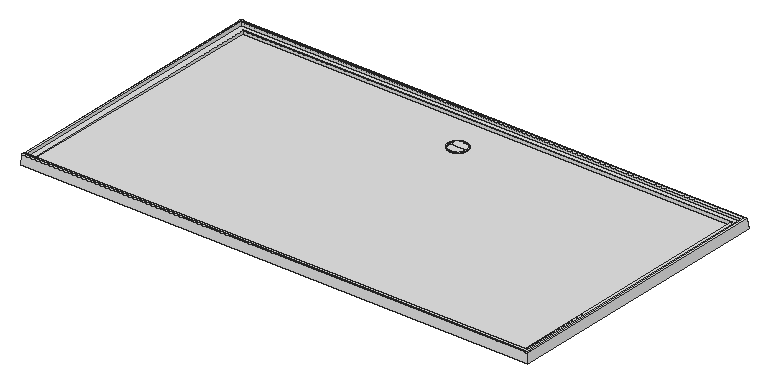
Revit family "Reece_Shower_Posh_Bristol MK2_Shower Base", category Plumbing Fixtures, host Face, Revit 2018
Family settings
  Host = Face
  Round Connector Dimension = Use Diameter
  Part Type = Normal
  Cut with Voids When Loaded = No
  Shared = Yes
  Room Calculation Point = Yes
Parameters (values of type "1660 mm x 900 mm_Centre Rear_Composite_White")
  Waste Connection = no
  WFU = 0
  Vent Connection = no
  URL = "https://www.reece.com.au/product/-1710004"
  Type Comments = "Shower"
  Reece_Waste_Outlet = 61 mm  # constant formula
  Reece_Product_Web Page = "https://www.reece.com.au/product/-1710004"
  Reece_Product_Type = "Shower"  # constant formula
  Reece_Product_Sub Brand = "Bristol MK2"  # constant formula
  Reece_Product_Number = "1710004"
  Reece_Product_Mount = "Floor Mounted"
  Reece_Product_Description = "Posh Bristol Torbex Mk2 Moulded Shower Base 1660mm x 900mm"
  Reece_Product_Brand = "Posh"  # constant formula
  Reece_Overall_Width = 1660 mm
  Reece_Overall_Height = 31 mm
  Reece_Overall_Depth = 900 mm
  Reece_Material_Main = Reece_Composite_White
  Reece_Detail_Waste Position = "Centre Rear"  # constant formula
  Reece_Detail_Disclaimer = "THIS FILE IS THE PROPERTY OF THE REECE GROUP. IT MAY NOT BE REPRODUCED, REVERSE-ENGINEERED OR MODIFIED. ANY REPUBLICATION, TRANSMISSION OR DISTRIBUTION FOR THE PURPOSE OF COMMERCIALLY EXPLOITING THE FILES IS PROHIBITED."  # constant formula
  Reece_Detail_Additional = "Shower Base"  # constant formula
  Model = "Bristol MK2"
  Manufacturer = "Posh"
  Keynote = "Product #1710004, Reece_Shower_Posh_Bristol MK2_Shower Base - 1660 mm x 900 mm_Centre Rear_Composite_White"
  HWFU = 0
  HW Connection = no
  Disclaimer = "THIS FILE IS THE PROPERTY OF THE REECE GROUP. IT MAY NOT BE REPRODUCED, REVERSE-ENGINEERED OR MODIFIED. ANY REPUBLICATION, TRANSMISSION OR DISTRIBUTION FOR THE PURPOSE OF COMMERCIALLY EXPLOITING THE FILES IS PROHIBITED."  # constant formula
  Description = "Posh Bristol Torbex Mk2 Moulded Shower Base 1660mm x 900mm"
  Default Elevation = 0 mm
  Cost = 0
  CWFU = 0
  CW Connection = no
  Assembly Code = ""
Types (4, lengths in mm): name | URL | Reece_Product_Web Page | Reece_Product_Number | Reece_Product_Description | Reece_Overall_Width | Reece_Overall_Height | Keynote | Description
  900 mm x 900 mm_Centre Rear_Composite_White | "https://www.reece.com.au/product/-1710001" | "https://www.reece.com.au/product/-1710001" | "1710001" | "Posh Bristol Torbex Mk2 Shower Base 900mm x 900mm" | 900 | 35 | "Product #1710001, Reece_Shower_Posh_Bristol MK2_Shower Base - 900 mm x 900 mm_Centre Rear_Composite_White" | "Posh Bristol Torbex Mk2 Shower Base 900mm x 900mm"
  1200 mm x 900 mm_Centre Rear_Composite_White | "https://www.reece.com.au/product/-1710002" | "https://www.reece.com.au/product/-1710002" | "1710002" | "Posh Bristol Torbex Mk2 Shower Base 1200mm x 900mm" | 1200 | 35 | "Product #1710002, Reece_Shower_Posh_Bristol MK2_Shower Base - 1200 mm x 900 mm_Centre Rear_Composite_White" | "Posh Bristol Torbex Mk2 Shower Base 1200mm x 900mm"
  1660 mm x 900 mm_Centre Rear_Composite_White | "https://www.reece.com.au/product/-1710004" | "https://www.reece.com.au/product/-1710004" | "1710004" | "Posh Bristol Torbex Mk2 Moulded Shower Base 1660mm x 900mm" | 1660 | 31 | "Product #1710004, Reece_Shower_Posh_Bristol MK2_Shower Base - 1660 mm x 900 mm_Centre Rear_Composite_White" | "Posh Bristol Torbex Mk2 Moulded Shower Base 1660mm x 900mm"
  1370 mm x 900 mm_Centre Rear_Composite_White | "https://www.reece.com.au/product/-1710003" | "https://www.reece.com.au/product/-1710003" | "1710003" | "Posh Bristol Torbex Mk2 Moulded Shower Base 1370mm x 900mm" | 1370 | 31 | "Product #1710003, Reece_Shower_Posh_Bristol MK2_Shower Base - 1370 mm x 900 mm_Centre Rear_Composite_White" | "Posh Bristol Torbex Mk2 Moulded Shower Base 1370mm x 900mm"
Reference planes
  plane 1 "Center (Front/Back)": y = 0
  plane 2: z = 0
  plane 3 "Center (Left/Right)": x = 0
  plane 4: x = -830
  plane 5: x = 830
  plane 6: y = -450
  plane 7: y = 450
  plane 8: y = 300
  plane 9: z = 31
  plane 10: z = 25
  plane 11: z = 21.261
  plane 12: z = 11.488
  plane 13: x = -799.976
  plane 14: x = 799.976
  plane 15: z = -10
  plane 16: z = 11.488
Forms (mm)
  Sweep 1, solid, material "Reece_Composite_White" <- "Reece_Material_Main"
    path origin (0, 0, 0) x (-1, 0, 0) y (0, -1, 0)
      loop
        line (-830, 438.16) -> (-830, -450) -> (830, -450) -> (830, 438.16)
    profile origin (830, 5.92, 0) x (-1, 0, 0) y (0, 0, 1)
      loop
        line (30.024, 0) -> (30.024, 21.261) -> (11.84, 21.261) -> (11.84, 31) -> (5.68, 31)
        arc (5.68, 31) -> (3.722, 30.244) -> (2.779, 28.369) r 2.915
        line (2.779, 28.369) -> (0, 0) -> (30.024, 0)
  Extrusion 2, solid, material "Reece_Composite_White" <- "Reece_Material_Main"
    sketch origin (0, -450, 0) x (-1, 0, 0) y (0, -1, 0)
      loop
        line (-799.976, -11.84) -> (-799.976, -870.347) -> (800, -870.347) -> (800, -11.84) -> (-799.976, -11.84)
    from 0 to 21.261
  Extrusion 3, void
    sketch origin (0, 0, 0) x (0, 1, 0) y (0, 0, 1)
      loop
        line (420, 11.276) -> (420, 21.261) -> (-438.16, 21.261) -> (420, 11.276)
    from -799.976 to 799.976
  Extrusion 4, void
    sketch origin (0, 0, 0) x (1, 0, 0) y (0, 1, 0)
      loop
        circle (0, 300) r 31.5
    from -52.747 to 30.189
  Revolve 5, solid, material "Reece_Composite_White" <- "Reece_Material_Main"
    sketch origin (0, 300, -11.37) x (1, 0, 0) y (0, 0, 1)
      loop
        line (0, 25.625) -> (0, 22.858) -> (26.539, 22.858) -> (26.539, 19.771) -> (28.038, 19.771) -> (28.038, 22.858) -> (29.799, 22.858)
        arc (29.799, 22.858) -> (30.295, 23.063) -> (30.5, 23.559) r 0.701
        line (30.5, 23.559) -> (30.5, 24.953)
        arc (30.5, 24.953) -> (30.303, 25.428) -> (29.828, 25.625) r 0.672
        line (29.828, 25.625) -> (0, 25.625)
      axis (0, 25.625) -> (0, 19.771)
    angle from 0 to 360
  Revolve 6, solid
    sketch origin (0, 300, 0) x (1, 0, 0) y (0, 0, 1)
      loop
        line (30.5, -10) -> (31.5, -10) -> (31.5, 8.401) -> (30.5, 8.401) -> (30.5, -10)
      axis (0, 8.401) -> (0, -10)
    angle from 0 to 360
  Revolve 7, solid
    sketch origin (0, 300, 0) x (1, 0, 0) y (0, 0, 1)
      loop
        line (30.5, -10) -> (31.5, -10) -> (31.5, 8.401) -> (30.5, 8.401) -> (30.5, -10)
      axis (0, 8.401) -> (0, -10)
    angle from 0 to 360
  Sweep 8, solid, material "Reece_Composite_White" <- "Reece_Material_Main"
    path origin (0, 0, 0) x (-1, 0, 0) y (0, -1, 0)
      loop
        line (830, 0) -> (830, 450) -> (-830, 450) -> (-830, 0)
    profile origin (830, -225, 0) x (-1, 0, 0) y (0, 0, 1)
      loop
        line (11.84, 0) -> (11.84, 31) -> (5.68, 31)
        arc (5.68, 31) -> (3.722, 30.244) -> (2.779, 28.369) r 2.915
        line (2.779, 28.369) -> (0, 0) -> (11.84, 0)
Cuts and joins
  Extrusion 3, Extrusion 4 cuts Extrusion 2
  Extrusion 4 cuts Sweep 1
  joined: Sweep 1, Sweep 8
Text (mm)
  text "Reece Copyright © 2018, Reece Ltd." at (-1624.402, -1205.801, 0), in view "Ref. Level"
  text "Reece ©" at (661.698, 556.123, 493.063), in view "Reece_Preview"
Dimensions and locks
  "Reece_Overall_Width": plane 4 to plane 5
  equal spacing: plane 4, plane 3 "Center (Left/Right)", plane 5
  "Reece_Overall_Depth": plane 7 to plane 6
  equal spacing: plane 7, plane 1 "Center (Front/Back)", plane 6
  "Reece_Overall_Height": plane 9 to host face
  locked: Extrusion 3 sketch curve to plane 9 at 9.739
  plane 9 to plane 11 to plane 12 = 9.739 mm locked, 9.773 mm locked
  locked: plane 4 to plane 13 at 30.024
  locked: plane 14 to plane 5 at 30.024
  locked: level to plane 15 at 10
  locked: plane 9 to plane 16 at 19.512
  plane 4 to plane 5 = 1660 mm
  plane 7 to plane 6 = 900 mm
  aligned and locked: host face to plane 2
  aligned and locked: host face to level
  aligned and locked: Sweep 1 sketch curve to plane 5
  aligned and locked: plane 4 to Sweep 1 sketch curve
  aligned and locked: Sweep 1 sketch curve to plane 7
  aligned and locked: Sweep 1 sketch curve to plane 4
  aligned and locked: plane 9 to Sweep 1 sketch curve
  aligned and locked: cut or joined group of Extrusion 2, Extrusion 3, Extrusion 4 to plane 11
  aligned and locked: plane 13 to Extrusion 3
  aligned and locked: Extrusion 3 to plane 14
  aligned and locked: cut or joined group of Extrusion 2, Extrusion 3, Extrusion 4 to plane 14
  aligned and locked: Sweep 1 sketch curve to cut or joined group of Extrusion 2, Extrusion 3, Extrusion 4
  aligned and locked: Sweep 1 sketch curve to plane 14
  aligned and locked: plane 16 to Revolve 5 sketch curve
  aligned and locked: plane 9 to Sweep 8 sketch curve
Automatic sketch dimensions
  host sketch curve to host sketch curve = 1881.132 mm
  host sketch curve to host sketch curve = 1200 mm
  Sweep 1 sketch curve to level = 0 mm
  Sweep 1 sketch curve to profile plane = 0 mm
  Sweep 1 sketch curve to profile plane = 2.779 mm
  Sweep 1 sketch curve to Sweep 1 sketch curve = 2.902 mm
  Sweep 1 sketch curve to Sweep 1 sketch curve = 6.16 mm
  Extrusion 4 sketch curve to plane 3 "Center (Left/Right)" = 0 mm
  plane 8 to Extrusion 4 sketch curve = 0 mm
  Revolve 5 sketch curve to plane 3 "Center (Left/Right)" = 0 mm  (x2)
  Revolve 5 sketch curve to plane 12 = 0 mm
  plane 3 "Center (Left/Right)" to Revolve 5 sketch curve = 26.539 mm
  Revolve 5 sketch curve to Revolve 5 sketch curve = 1.499 mm
  Revolve 5 sketch curve to plane 12 = 0.701 mm
  Revolve 5 sketch curve to Revolve 5 sketch curve = 1.761 mm
  Revolve 5 sketch curve to Revolve 5 sketch curve = 0.672 mm
  Revolve 5 sketch curve to Revolve 5 sketch curve = 3.087 mm
  Revolve 5 sketch curve to Revolve 5 sketch curve = 1.394 mm
  Revolve 5 sketch curve to plane 12 = 0.11 mm
  Revolve 5 sketch curve to Revolve 5 sketch curve = 0 mm
  Revolve 6 sketch curve to plane 3 "Center (Left/Right)" = 0 mm
  Revolve 6 sketch curve to plane 15 = 0 mm  (x2)
  plane 3 "Center (Left/Right)" to Revolve 6 sketch curve = 30.5 mm
  Revolve 6 sketch curve to Revolve 6 sketch curve = 1 mm
  plane 12 to Revolve 6 sketch curve = 3.087 mm  (x2)
  Revolve 7 sketch curve to plane 3 "Center (Left/Right)" = 0 mm
  Revolve 7 sketch curve to plane 15 = 0 mm  (x2)
  plane 3 "Center (Left/Right)" to Revolve 7 sketch curve = 30.5 mm
  Revolve 7 sketch curve to Revolve 7 sketch curve = 1 mm
  plane 12 to Revolve 7 sketch curve = 3.087 mm  (x2)
  plane 12 to Extrusion 3 sketch curve = 0.212 mm
  Extrusion 3 sketch curve to plane 7 = 30 mm
  Extrusion 3 sketch curve to plane 6 = 11.84 mm
  Sweep 8 sketch curve to profile plane = 0 mm
  Sweep 8 sketch curve to profile plane = 2.779 mm
  Sweep 8 sketch curve to Sweep 8 sketch curve = 2.902 mm
  plane 1 "Center (Front/Back)" to Sweep 8 sketch curve = 0 mm  (x2)
  Sweep 8 sketch curve to plane 5 = 0 mm
  Sweep 8 sketch curve to plane 4 = 0 mm
  plane 6 to Sweep 8 sketch curve = 0 mm
  Sweep 8 sketch curve to level = 0 mm
  Sweep 8 sketch curve to Sweep 8 sketch curve = 11.84 mm
  Sweep 1 sketch curve to plane 6 = 11.84 mm
  plane 1 "Center (Front/Back)" to Sweep 1 sketch curve = 438.16 mm
  Extrusion 2 sketch curve to plane 14 = 0 mm
  plane 13 to Extrusion 2 sketch curve = 0.024 mm
  Extrusion 2 sketch curve to plane 7 = 29.653 mm
  Extrusion 2 sketch curve to plane 6 = 11.84 mm
  radius of Extrusion 4 sketch curve = 31.5 mm
Connectors
  piping at (0, 300, -10), diameter 61, driven by "Reece_Waste_Outlet"
    settings: on Revolve 6, index 1, connector inside diameter 609.6 mm, connector length 0 mm, flow factor 0, pipe flow 0.0 L/s, pressure drop 0.0 Pa, fitting loss kfactor 0, connector angle 0.00°, fixture units 0, engagement length 0 mm, angle of deflection 0.00°, flow configuration 0, flow direction 2, fitting loss method 0, system type 16, joint type 0, gender type 0, connector reference index -1, connector utility 0, adjustable connector no, is connector primary yes, connector description ""
